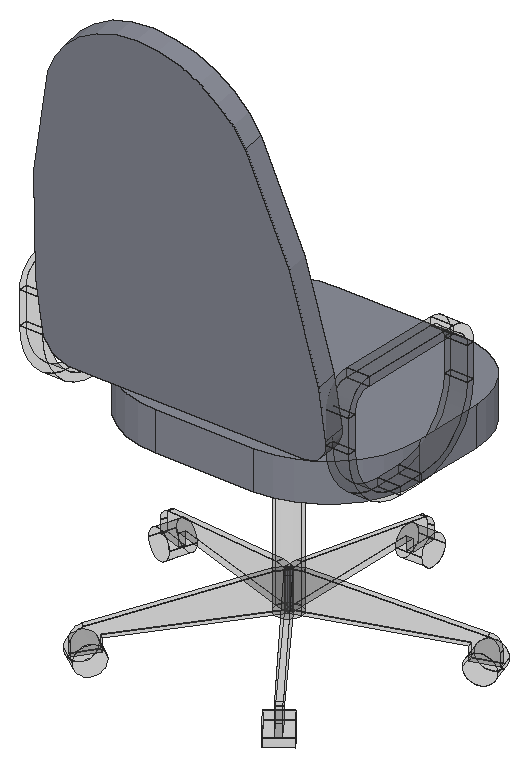
Revit family "M_Cadeira-Executivo", category Mobiliário, Revit 2019
Family settings
  Número OmniClass = 23.40.20.14.14.11
  Título OmniClass = Chairs
  ID de item do Seek = Chair-Executive-0000-CAN-ENU
  Com base no plano de trabalho = Não
  Sempre na vertical = Sim
  Corte com vazios quando carregada = Não
  Compartilhado = Sim
  Ponto de cálculo do ambiente = Não
Parameters
  Material base/armado = Plástico, Preto Opaco
  Material da projeção = Plástico, Preto Opaco
  Assento/Material preto = Tecido - Azul ardósia
Reference planes
  plane 1 "Centro (Frente/Trás)": y = 18.946
  plane 2: z = 0
  plane 3 "Centro (Esquerda/Direita)": x = 140.991
  plane 4: x = 458.491
  plane 5: x = -176.509
  plane 6: y = -323.954
  plane 7: y = 361.846
  plane 8: z = 1066.8
  plane 9 "Assento": z = 457.2
  plane 10: x = 191.791
  plane 11: x = 90.191
  plane 12: through (0, -131.752, -23.231) normal (0, -0.9848, -0.1736)
  plane 13: x = 414.041
  plane 14: x = -132.059
Forms (mm)
  Extrusion 1, solid, material "Plástico, Preto Opaco" <- "Material base/armado"
    sketch origin (191.791, 0, 0) x (0, -1, 0) y (0, 0, 1)
      loop
        line (19.154, 383.784) -> (-69.746, 383.784) -> (-69.746, 371.084) -> (-18.946, 283.095) -> (19.154, 283.095) -> (19.154, 383.784)
    from 0 to 101.6
  Extrusion 2, solid, material "Plástico, Preto Opaco" <- "Material base/armado"
    sketch origin (140.991, 0, 0) x (0, 1, 0) y (0, 0, 1)
      loop
        line (18.946, 53.584) -> (311.046, 53.584) -> (311.046, 28.184) -> (361.846, 28.184) -> (361.846, 52.487)
        arc (361.846, 52.487) -> (355.903, 68.813) -> (340.857, 77.501) r 25.4
        line (340.857, 77.501) -> (44.346, 129.784) -> (18.946, 129.784) -> (18.946, 53.584)
    from 6.35 to -6.35
  Extrusion 3, solid, material "Plástico, Preto Opaco" <- "Material da projeção"
    sketch origin (140.991, 0, 0) x (0, 1, 0) y (0, 0, 1)
      loop
        circle (336.446, 28.184) r 28.2
    from 25.4 to -25.4
  Extrusion 4, solid, material "Plástico, Preto Opaco" <- "Material base/armado"
    sketch origin (159.009, 13.091, 0) x (-0.951057, 0.309017, 0) y (0, 0, 1)
      loop
        line (18.946, 53.584) -> (311.046, 53.584) -> (311.046, 28.184) -> (361.846, 28.184) -> (361.846, 52.487)
        arc (361.846, 52.487) -> (355.903, 68.813) -> (340.857, 77.501) r 25.4
        line (340.857, 77.501) -> (44.346, 129.784) -> (18.946, 129.784) -> (18.946, 53.584)
    from 6.35 to -6.35
  Extrusion 5, solid, material "Plástico, Preto Opaco" <- "Material da projeção"
    sketch origin (159.009, 13.091, 0) x (-0.951057, 0.309017, 0) y (0, 0, 1)
      loop
        circle (336.446, 28.184) r 28.2
    from 25.4 to -25.4
  Extrusion 6, solid, material "Plástico, Preto Opaco" <- "Material base/armado"
    sketch origin (152.127, 34.273, 0) x (-0.587785, -0.809017, 0) y (0, 0, 1)
      loop
        line (18.946, 53.584) -> (311.046, 53.584) -> (311.046, 28.184) -> (361.846, 28.184) -> (361.846, 52.487)
        arc (361.846, 52.487) -> (355.903, 68.813) -> (340.857, 77.501) r 25.4
        line (340.857, 77.501) -> (44.346, 129.784) -> (18.946, 129.784) -> (18.946, 53.584)
    from 6.35 to -6.35
  Extrusion 7, solid, material "Plástico, Preto Opaco" <- "Material da projeção"
    sketch origin (152.127, 34.273, 0) x (-0.587785, -0.809017, 0) y (0, 0, 1)
      loop
        circle (336.446, 28.184) r 28.2
    from 25.4 to -25.4
  Extrusion 8, solid, material "Plástico, Preto Opaco" <- "Material base/armado"
    sketch origin (129.855, 34.273, 0) x (0.587785, -0.809017, 0) y (0, 0, 1)
      loop
        line (18.946, 53.584) -> (311.046, 53.584) -> (311.046, 28.184) -> (361.846, 28.184) -> (361.846, 52.487)
        arc (361.846, 52.487) -> (355.903, 68.813) -> (340.857, 77.501) r 25.4
        line (340.857, 77.501) -> (44.346, 129.784) -> (18.946, 129.784) -> (18.946, 53.584)
    from 6.35 to -6.35
  Extrusion 9, solid, material "Plástico, Preto Opaco" <- "Material da projeção"
    sketch origin (129.855, 34.273, 0) x (0.587785, -0.809017, 0) y (0, 0, 1)
      loop
        circle (336.446, 28.184) r 28.2
    from 25.4 to -25.4
  Extrusion 10, solid, material "Plástico, Preto Opaco" <- "Material base/armado"
    sketch origin (122.972, 13.091, 0) x (0.951057, 0.309017, 0) y (0, 0, 1)
      loop
        line (18.946, 53.584) -> (311.046, 53.584) -> (311.046, 28.184) -> (361.846, 28.184) -> (361.846, 52.487)
        arc (361.846, 52.487) -> (355.903, 68.813) -> (340.857, 77.501) r 25.4
        line (340.857, 77.501) -> (44.346, 129.784) -> (18.946, 129.784) -> (18.946, 53.584)
    from 6.35 to -6.35
  Extrusion 11, solid, material "Plástico, Preto Opaco" <- "Material da projeção"
    sketch origin (122.972, 13.091, 0) x (0.951057, 0.309017, 0) y (0, 0, 1)
      loop
        circle (336.446, 28.184) r 28.2
    from 25.4 to -25.4
  Extrusion 12, solid, material "Plástico, Preto Opaco" <- "Material base/armado"
    sketch origin (0, 0, 0) x (1, 0, 0) y (0, 1, 0)
      loop
        circle (140.991, 18.946) r 25.4
    from 53.584 to 384.175
  Extrusion 13, solid, material "Tecido - Azul ardósia" <- "Assento/Material preto"
    sketch origin (0, 0, 0) x (1, 0, 0) y (0, 1, 0)
      loop
        arc (20.341, 281.896) -> (-87.422, 237.259) -> (-132.059, 129.496) r 152.4
        line (-132.059, 129.496) -> (-132.059, -6.454)
        arc (-132.059, -6.454) -> (-79.983, -132.178) -> (45.741, -184.254) r 177.8
        line (45.741, -184.254) -> (236.241, -184.254)
        arc (236.241, -184.254) -> (361.964, -132.178) -> (414.041, -6.454) r 177.8
        line (414.041, -6.454) -> (414.041, 129.496)
        arc (414.041, 129.496) -> (369.404, 237.259) -> (261.641, 281.896) r 152.4
        line (261.641, 281.896) -> (20.341, 281.896)
    from 383.784 to 457.2
  Extrusion 14, solid, material "Tecido - Azul ardósia" <- "Assento/Material preto"
    sketch origin (0, -131.752, -23.231) x (0, 0.173648, -0.984808) y (1, 0, 0)
      loop
        line (-534.516, -81.259) -> (-534.516, 363.241)
        arc (-534.516, 363.241) -> (-549.395, 399.162) -> (-585.316, 414.041) r 50.8
        line (-585.316, 414.041) -> (-686.916, 414.041)
        arc (-686.916, 414.041) -> (-901.118, 387.762) -> (-1109.461, 331.491) r 1524
        arc (-1109.461, 331.491) -> (-1241.95, 140.991) -> (-1109.461, -49.509) r 203.2
        arc (-1109.461, -49.509) -> (-901.118, -105.781) -> (-686.916, -132.059) r 1524
        line (-686.916, -132.059) -> (-585.316, -132.059)
        arc (-585.316, -132.059) -> (-549.395, -117.18) -> (-534.516, -81.259) r 50.8
    from 0 to -38.1
  Sweep 15, solid, material "Plástico, Preto Opaco" <- "Material base/armado"
    path origin (414.041, 0, 0) x (0, 1, 0) y (0, 0, 1)
      loop
        arc (-57.254, 419.1) -> (32.548, 456.297) -> (69.746, 546.1) r 127
        line (69.746, 546.1) -> (69.746, 609.6)
        arc (69.746, 609.6) -> (54.867, 645.521) -> (18.946, 660.4) r 50.8
        line (18.946, 660.4) -> (-184.254, 660.4)
        arc (-184.254, 660.4) -> (-220.175, 645.521) -> (-235.054, 609.6) r 50.8
        line (-235.054, 609.6) -> (-235.054, 546.1)
        arc (-235.054, 546.1) -> (-197.857, 456.297) -> (-108.054, 419.1) r 127
        line (-108.054, 419.1) -> (-57.254, 419.1)
    profile origin (414.041, -82.654, 0) x (0, 0, -1) y (1, 0, 0)
      loop
        line (-420.492, 0) -> (-420.492, 44.45) -> (-436.367, 44.45) -> (-436.367, 0) -> (-420.492, 0)
  Sweep 16, solid, material "Plástico, Preto Opaco" <- "Material base/armado"
    path origin (-132.059, 0, 0) x (0, 1, 0) y (0, 0, 1)
      loop
        arc (-57.254, 419.1) -> (32.548, 456.297) -> (69.746, 546.1) r 127
        line (69.746, 546.1) -> (69.746, 609.6)
        arc (69.746, 609.6) -> (54.867, 645.521) -> (18.946, 660.4) r 50.8
        line (18.946, 660.4) -> (-184.254, 660.4)
        arc (-184.254, 660.4) -> (-220.175, 645.521) -> (-235.054, 609.6) r 50.8
        line (-235.054, 609.6) -> (-235.054, 546.1)
        arc (-235.054, 546.1) -> (-197.857, 456.297) -> (-108.054, 419.1) r 127
        line (-108.054, 419.1) -> (-57.254, 419.1)
    profile origin (-678.159, -82.654, 0) x (0, 0, -1) y (1, 0, 0)
      loop
        line (-420.492, 546.1) -> (-436.367, 546.1) -> (-436.367, 501.65) -> (-420.492, 501.65) -> (-420.492, 546.1)
Lines and regions (mm)
  Masking region 1
    outline origin (0, 0, 457.2) x (0, -1, 0) y (1, 0, 0)
      loop
        arc (-281.896, 20.341) -> (-238.961, -85.693) -> (-134.347, -131.982) r 152.4
        line (-134.347, -131.982) -> (-149.93, -179.941) -> (-101.616, -195.639) -> (-84.188, -141.999) -> (-114.778, -132.059) -> (66.234, -132.059)
        arc (66.234, -132.059) -> (106.481, -127.444) -> (144.639, -113.838) r 177.8
        arc (144.639, -113.838) -> (159.785, -122.487) -> (176.966, -125.488) r 50.678
        line (176.966, -125.488) -> (222.074, -125.488)
        arc (222.074, -125.488) -> (239.917, -118.097) -> (247.308, -100.255) r 25.233
        line (247.308, -100.255) -> (247.308, -83.85) -> (275.661, -41.658) -> (247.308, -21.058) -> (247.308, 303.039) -> (275.661, 323.639) -> (247.308, 362.665) -> (247.308, 382.224)
        arc (247.308, 382.224) -> (239.917, 400.067) -> (222.075, 407.458) r 25.233
        line (222.075, 407.458) -> (176.961, 407.458)
        arc (176.961, 407.458) -> (159.787, 404.459) -> (144.646, 395.817) r 50.674
        arc (144.646, 395.817) -> (106.485, 409.425) -> (66.234, 414.041) r 177.8
        line (66.234, 414.041) -> (-114.778, 414.041) -> (-84.188, 423.98) -> (-101.616, 477.62) -> (-149.93, 461.922) -> (-134.347, 413.964)
        arc (-134.347, 413.964) -> (-238.961, 367.675) -> (-281.896, 261.641) r 152.4
        line (-281.896, 261.641) -> (-281.896, 147.341) -> (-308.246, 147.341) -> (-308.246, 166.391) -> (-364.646, 166.391) -> (-364.646, 115.591) -> (-308.246, 115.591) -> (-308.246, 134.641) -> (-281.896, 134.641) -> (-281.896, 20.341)
      loop
        line (-68.354, -176.509) -> (184.254, -176.509) -> (184.254, -144.61) -> (-68.354, -144.61) -> (-68.354, -176.509)
      loop
        line (184.254, 458.491) -> (-68.354, 458.491) -> (-68.354, 426.167) -> (184.254, 426.167) -> (184.254, 458.491)
  symbolic lines
    curve 1: line (-100.255, -247.308, 457.2) -> (382.224, -247.308, 457.2)
    curve 2: line (-125.488, -222.074, 457.2) -> (-125.488, -176.966, 457.2)
    curve 3: line (-74.809, -126.288, 457.2) -> (356.784, -126.288, 457.2)
    curve 4: line (407.458, -222.075, 457.2) -> (407.458, -176.961, 457.2)
    curve 5: arc (-74.809, -126.288, 457.2) -> (-110.645, -141.131, 457.2) -> (-125.488, -176.966, 457.2) r 50.678
    curve 6: arc (356.784, -126.288, 457.2) -> (392.616, -141.13, 457.2) -> (407.458, -176.961, 457.2) r 50.674
    curve 7: arc (-125.488, -222.074, 457.2) -> (-118.097, -239.917, 457.2) -> (-100.255, -247.308, 457.2) r 25.233
    curve 8: arc (407.458, -222.075, 457.2) -> (400.067, -239.917, 457.2) -> (382.224, -247.308, 457.2) r 25.233
    curve 9: line (20.341, 281.896, 457.2) -> (261.641, 281.896, 457.2)
    curve 10: line (-132.059, 129.496, 457.2) -> (-132.059, -66.234, 457.2)
    curve 11: line (414.041, 129.496, 457.2) -> (414.041, -66.234, 457.2)
    curve 12: arc (20.341, 281.896, 457.2) -> (-87.422, 237.259, 457.2) -> (-132.059, 129.496, 457.2) r 152.4
    curve 13: arc (261.641, 281.896, 457.2) -> (369.404, 237.259, 457.2) -> (414.041, 129.496, 457.2) r 152.4
    curve 14: arc (414.041, -66.234, 457.2) -> (409.425, -106.485, 457.2) -> (395.817, -144.646, 457.2) r 177.8
    curve 15: arc (-132.059, -66.234, 457.2) -> (-127.444, -106.481, 457.2) -> (-113.838, -144.639, 457.2) r 177.8
    curve 16: line (115.591, 364.646, 457.2) -> (166.391, 364.646, 457.2)
    curve 17: line (115.591, 364.646, 457.2) -> (115.591, 308.246, 457.2)
    curve 18: line (115.591, 308.246, 457.2) -> (166.391, 308.246, 457.2)
    curve 19: line (166.391, 364.646, 457.2) -> (166.391, 308.246, 457.2)
    curve 20: line (413.964, 134.347, 457.2) -> (461.922, 149.93, 457.2)
    curve 21: line (461.922, 149.93, 457.2) -> (477.62, 101.616, 457.2)
    curve 22: line (477.62, 101.616, 457.2) -> (423.98, 84.188, 457.2)
    curve 23: line (423.98, 84.188, 457.2) -> (414.041, 114.778, 457.2)
    curve 24: line (303.039, -247.308, 457.2) -> (323.639, -275.661, 457.2)
    curve 25: line (323.639, -275.661, 457.2) -> (362.665, -247.308, 457.2)
    curve 26: line (-21.058, -247.308, 457.2) -> (-41.658, -275.661, 457.2)
    curve 27: line (-41.658, -275.661, 457.2) -> (-83.85, -247.308, 457.2)
    curve 28: line (-195.639, 101.616, 457.2) -> (-179.941, 149.93, 457.2)
    curve 29: line (-179.941, 149.93, 457.2) -> (-131.982, 134.347, 457.2)
    curve 30: line (-195.639, 101.616, 457.2) -> (-141.999, 84.188, 457.2)
    curve 31: line (-141.999, 84.188, 457.2) -> (-132.059, 114.778, 457.2)
    curve 32: line (134.641, 308.246, 457.2) -> (147.341, 308.246, 457.2)
    curve 33: line (134.641, 308.246, 457.2) -> (134.641, 281.896, 457.2)
    curve 34: line (134.641, 281.896, 457.2) -> (147.341, 281.896, 457.2)
    curve 35: line (147.341, 308.246, 457.2) -> (147.341, 281.896, 457.2)
    curve 36: line (-176.509, 68.354, 457.2) -> (-144.61, 68.354, 457.2)
    curve 37: line (-176.509, 68.354, 457.2) -> (-176.509, -184.254, 457.2)
    curve 38: line (-176.509, -184.254, 457.2) -> (-144.61, -184.254, 457.2)
    curve 39: line (-144.61, 68.354, 457.2) -> (-144.61, -184.254, 457.2)
    curve 40: line (458.491, 68.354, 457.2) -> (426.167, 68.354, 457.2)
    curve 41: line (458.491, 68.354, 457.2) -> (458.491, -184.254, 457.2)
    curve 42: line (458.491, -184.254, 457.2) -> (426.167, -184.254, 457.2)
    curve 43: line (426.167, 68.354, 457.2) -> (426.167, -184.254, 457.2)
Dimensions and locks
  equal spacing: plane 5, plane 3 "Centro (Esquerda/Direita)", plane 4
  plane 5 to plane 4 = 635.00 mm
  equal spacing: plane 6, plane 1 "Centro (Frente/Trás)", plane 7
  plane 6 to plane 7 = 685.80 mm
Automatic sketch dimensions
  Masking region 1 sketch curve to plane 13 = 0.00 mm
  Masking region 1 sketch curve to plane 14 = 0.00 mm
  Masking region 1 sketch curve to plane 7 = 2.80 mm
  plane 3 "Centro (Esquerda/Direita)" to Masking region 1 sketch curve = 6.35 mm
  plane 7 to Masking region 1 sketch curve = 53.60 mm
  Masking region 1 sketch curve to Masking region 1 sketch curve = 0.00 mm  (x2)
  Masking region 1 sketch curve to plane 3 "Centro (Esquerda/Direita)" = 6.35 mm
  Masking region 1 sketch curve to Masking region 1 sketch curve = 26.35 mm
  Masking region 1 sketch curve to plane 4 = 3.431 mm
  Masking region 1 sketch curve to plane 1 "Centro (Frente/Trás)" = 130.984 mm  (x2)
  plane 5 to Masking region 1 sketch curve = 3.431 mm
  Masking region 1 sketch curve to plane 13 = 0.077 mm
  Masking region 1 sketch curve to Masking region 1 sketch curve = 15.583 mm  (x2)
  plane 14 to Masking region 1 sketch curve = 0.077 mm
  plane 11 to Masking region 1 sketch curve = 69.85 mm
  Masking region 1 sketch curve to plane 10 = 69.85 mm
  Masking region 1 sketch curve to Masking region 1 sketch curve = 19.569 mm  (x2)
  Masking region 1 sketch curve to plane 4 = 19.13 mm
  plane 5 to Masking region 1 sketch curve = 19.13 mm
  plane 14 to Masking region 1 sketch curve = 18.221 mm
  Masking region 1 sketch curve to Masking region 1 sketch curve = 78.405 mm
  Masking region 1 sketch curve to plane 13 = 18.224 mm
  Masking region 1 sketch curve to Masking region 1 sketch curve = 78.412 mm
  Masking region 1 sketch curve to plane 13 = 6.583 mm
  Masking region 1 sketch curve to Masking region 1 sketch curve = 32.315 mm
  plane 14 to Masking region 1 sketch curve = 6.571 mm
  Masking region 1 sketch curve to Masking region 1 sketch curve = 32.327 mm
  Masking region 1 sketch curve to Masking region 1 sketch curve = 45.108 mm
  Masking region 1 sketch curve to Masking region 1 sketch curve = 45.113 mm
  Masking region 1 sketch curve to Masking region 1 sketch curve = 25.233 mm  (x2)
  Masking region 1 sketch curve to plane 3 "Centro (Esquerda/Direita)" = 25.40 mm
  Masking region 1 sketch curve to Masking region 1 sketch curve = 19.05 mm
  Masking region 1 sketch curve to Masking region 1 sketch curve = 15.833 mm  (x2)
  Masking region 1 sketch curve to Masking region 1 sketch curve = 7.288 mm
  Masking region 1 sketch curve to plane 14 = 12.551 mm
  Masking region 1 sketch curve to plane 5 = 0.00 mm
  Masking region 1 sketch curve to Masking region 1 sketch curve = 7.293 mm
  plane 13 to Masking region 1 sketch curve = 12.126 mm
  Masking region 1 sketch curve to plane 4 = 0.00 mm
  Masking region 1 sketch curve to Masking region 1 sketch curve = 19.56 mm
  Masking region 1 sketch curve to Masking region 1 sketch curve = 59.625 mm
  Masking region 1 sketch curve to Masking region 1 sketch curve = 28.353 mm  (x2)
  Masking region 1 sketch curve to Masking region 1 sketch curve = 20.60 mm  (x2)
  Masking region 1 sketch curve to plane 6 = 76.646 mm
  Masking region 1 sketch curve to Masking region 1 sketch curve = 58.597 mm
  Masking region 1 sketch curve to Masking region 1 sketch curve = 16.405 mm
  plane 1 "Centro (Frente/Trás)" to Masking region 1 sketch curve = 85.18 mm
  curve 13 to plane 13 = 0.00 mm
  curve 12 to plane 14 = 0.00 mm
  curve 37 to plane 5 = 0.00 mm
  curve 40 to plane 4 = 0.00 mm
  curve 16 to plane 7 = 2.80 mm
  plane 3 "Centro (Esquerda/Direita)" to curve 32 = 6.35 mm
  plane 7 to curve 32 = 53.60 mm
  curve 19 to curve 32 = 0.00 mm
  curve 33 to plane 3 "Centro (Esquerda/Direita)" = 6.35 mm
  curve 32 to curve 33 = 26.35 mm
  plane 7 to curve 13 = 79.95 mm
  plane 5 to curve 29 = 3.431 mm
  curve 20 to plane 4 = 3.431 mm
  plane 14 to curve 29 = 0.077 mm
  curve 28 to curve 29 = 15.583 mm
  curve 20 to plane 13 = 0.077 mm
  curve 20 to curve 20 = 15.583 mm
  curve 20 to curve 13 = 4.851 mm
  curve 29 to curve 12 = 4.851 mm
  curve 11 to curve 23 = 14.718 mm
  curve 10 to curve 31 = 14.718 mm
  plane 13 to curve 22 = 9.939 mm
  curve 30 to plane 14 = 9.939 mm
  curve 22 to curve 43 = 15.833 mm
  curve 30 to curve 36 = 15.833 mm
  plane 1 "Centro (Frente/Trás)" to curve 15 = 85.18 mm
  curve 14 to curve 3 = 60.053 mm
  plane 14 to curve 15 = 18.221 mm
  curve 3 to curve 15 = 18.351 mm
  curve 14 to plane 13 = 18.224 mm
  curve 3 to curve 14 = 18.358 mm
  curve 4 to plane 13 = 6.583 mm
  plane 14 to curve 5 = 6.571 mm
  curve 4 to curve 43 = 7.293 mm
  curve 2 to curve 38 = 7.288 mm
  curve 2 to curve 7 = 45.108 mm
  curve 24 to plane 6 = 76.646 mm
  curve 8 to curve 8 = 25.233 mm
  curve 7 to curve 27 = 25.233 mm
  curve 26 to curve 26 = 28.353 mm
  curve 24 to curve 25 = 28.353 mm
  curve 38 to plane 14 = 12.551 mm
  curve 1 to curve 27 = 16.405 mm
  curve 27 to curve 27 = 42.192 mm
  curve 26 to curve 26 = 20.60 mm
  curve 16 to plane 3 "Centro (Esquerda/Direita)" = 25.40 mm
  plane 3 "Centro (Esquerda/Direita)" to curve 16 = 25.40 mm
  curve 24 to curve 24 = 20.60 mm
  curve 25 to curve 8 = 19.56 mm
  plane 13 to curve 43 = 12.126 mm
